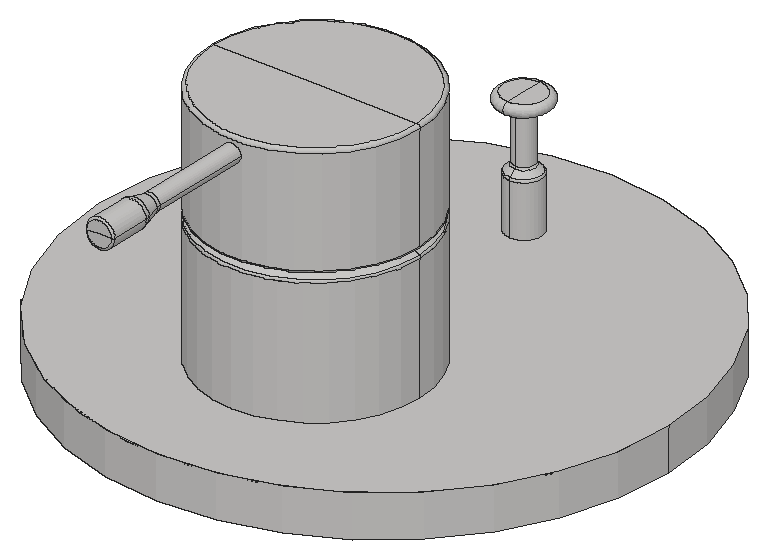
Revit family "PlumbingFixture_GroheLimited_EssenceTrimsetShower_19285001_METRIC1", category Plumbing Fixtures, host Face, Revit 2015
Parameters (values of type "19285001")
  _DistributedBy = "www.bimstore.co.uk"
  _CurrentRevision = 1
  _CreatedBy = "www.bimstore.co.uk"
  _BimSpecGuid = 0
  _BSBibleVersion = 14
  _AuthorizedBy = "Kris Atkinson"
  _Author = "Ryan Lashley"
  Waste Connection = no
  WarrantyStartDate [instance] = "Please Record On Commissioning."
  WarrantyGuarantorParts = "info-uk@grohe.com"
  WarrantyGuarantorLabor = "info-uk@grohe.com"
  WarrantyDurationUnit = "Years"
  WarrantyDurationParts = "n/a"
  WarrantyDurationLabor = "n/a"
  WarrantyDescription = "n/a"
  WFU = 0
  Vent Connection = no
  URL = "www.grohe.com"
  TypeName = "Essence Single-lever bath/shower mixer trim"
  Type Comments = "19285001"
  SpareParts = "n/a"
  Size = "n/a"
  Shape = "n/a"
  SerialNumber [instance] = "Please Record On Commissioning."
  ReplacementCost = "n/a"
  ReferencedStandard = "n/a"
  ProductionYear = "2017"
  ProductPageURL = "https://www.grohe.co.uk/en_gb/essence-single-lever-bath-shower-mixer-trim-19285001.html"
  ProductDocumentationLink = "https://www.grohe.co.uk/en_gb/essence-single-lever-bath-shower-mixer-trim-19285001.html"
  PrimaryMaterial = GroheLimited-Chrome
  PercentageOfRecycledContent = "n/a"
  NominalLength = 0 mm
  NominalHeight = 0 mm
  NominalDepth = 0 mm
  NBSReference = "45-35-70/330"
  NBSOfficeMasterTag = "n/a"
  NBSObjectName = "Grohe Limited - Shower fittings package"
  NBSNote = ""
  NBSDescription = "Shower fittings package"
  ModelReference = "Essence Single-lever bath/shower mixer trim"
  ModelNumber = "19285001"
  Model = "Essence Single-lever bath/shower mixer trim"
  Material = "Chrome"
  MasterformatTitle = "Sanitary Facilities"
  MasterformatNumber = "01 52 19"
  ManufacturerName = "Grohe Limited"
  Manufacturer = "Grohe Limited"
  LowEmittingMaterial = no
  LEEDCredit = "n/a"
  Keynote = "N13"
  InstallationDate [instance] = "Please Record On Commissioning."
  IndustryStandards = "n/a"
  IfcExportType = "IfcPipeFittingType"
  IfcExportAs = "IfcPipeFitting"
  HotWaterConnectionDiameter = 10 mm
  HWFU = 4.5
  HW Connection = no
  Grade = "n/a"
  Finish = "Chrome"
  Features = "This bath tap of the GROHE Essence range is a perfect combination of elegance and quality. The automattic diverter directs the water flow smoothly between bath and shower outlet. Finished in durable GROHE StarLight chrome, it attracts the eye and is easy to clean, appearing flawlessly lustrous even after years of use. To install this single-lever mixer, please purchase the matching GROHE concealed body 35501000. With the GROHE SilkMove cartridge technology integrated in the concealed body, water temperature and volume can be controlled smoothly and effortlessly. The perfect choice for an elegant yet highly functional bathroom."
  ExpectedLife = 0
  Ecojoy = no
  DurationUnit = "Years"
  DocumentationTechnical = "n/a"
  DocumentationMaintenance = "n/a"
  DocumentationLiterature = "n/a"
  DocumentationInstallationGuide = "n/a"
  DocumentationCertificates = "n/a"
  Description = "This bath tap of the GROHE Essence range is a perfect combination of elegance and quality. The automattic diverter directs the water flow smoothly between bath and shower outlet. Finished in durable GROHE StarLight chrome, it attracts the eye and is easy to clean, appearing flawlessly lustrous even after years of use. To install this single-lever mixer, please purchase the matching GROHE concealed body 35501000. With the GROHE SilkMove cartridge technology integrated in the concealed body, water temperature and volume can be controlled smoothly and effortlessly. The perfect choice for an elegant yet highly functional bathroom."
  Default Elevation = 0 mm
  CreatedOn = "2017-06-01T09:00:00"
  CreatedBy = "info-uk@grohe.com"
  Cost = 0
  Constituents = "n/a"
  Color = "Chrome"
  ColdWaterConnectionDiameter = 10 mm
  CodePerformance = "n/a"
  ClassificationValue = "Pr_40_20_87_75"
  ClassificationName = "Uniclass2015"
  CWFU = 4.5
  CW Connection = no
  BarCode [instance] = "Please Record On Commissioning."
  BIMObjectName = "PlumbingFixture_GroheLimited_EssenceTrimsetShower_19285001_METRIC"
  AssetType = "Fixed"
  AssetIdentifier [instance] = "Please Record On Commissioning."
  Assembly Code = "D2010"
  AccessibilityPerformance = "n/a"
  ADACompliant = no
Types (10, lengths in mm): name | Type Comments | PrimaryMaterial | ModelNumber | Material | Finish | Color
  (no name) | "19285001" | GroheLimited-Chrome | "19285001" | "Chrome" | "Chrome" | "Chrome"
  19285001 | "19285001" | GroheLimited-Chrome | "19285001" | "Chrome" | "Chrome" | "Chrome"
  19285A01 | "19285A01" | GroheLimited-HardGraphite | "19285A01" | "Hard Graphite" | "Hard Graphite" | "Hard Graphite"
  19285AL1 | "19285AL1" | GroheLimited-BrushedHardGraphite | "19285AL1" | "Brushed Hard Graphite" | "Brushed Hard Graphite" | "Brushed Hard Graphite"
  19285BE1 | "19285BE1" | GroheLimited-Nickel | "19285BE1" | "Nickel" | "Nickel" | "Nickel"
  19285DA1 | "19285DA1" | GroheLimited-WarmSunset | "19285DA1" | "Warm Sunset" | "Warm Sunset" | "Warm Sunset"
  19285DL1 | "19285DL1" | GroheLimited-BrushedWarmSunset | "19285DL1" | "Brushed Warm Sunset" | "Brushed Warm Sunset" | "Brushed Warm Sunset"
  19285EN1 | "19285EN1" | GroheLimited-BrushedNickel | "19285EN1" | "Brushed Nickel" | "Brushed Nickel" | "Brushed Nickel"
  19285GL1 | "19285GL1" | GroheLimited-CoolSunrise | "19285GL1" | "Cool Sunrise" | "Cool Sunrise" | "Cool Sunrise"
  19285GN1 | "19285GN1" | GroheLimited-BrushedCoolSunrise | "19285GN1" | "Brushed Cool Sunrise" | "Brushed Cool Sunrise" | "Brushed Cool Sunrise"
Reference planes
  plane 1 "Center (Front/Back)": y = 0
  plane 2: z = 0
  plane 3 "Center (Left/Right)": x = 0
  plane 4: y = -24.7
Forms (mm)
  Extrusion 1, solid, material "GroheLimited-Chrome" <- "PrimaryMaterial"
    sketch origin (0, 47.019, 145.7) x (0, 1, 0) y (-1, 0, 0)
      loop
        circle (-47.019, 0) r 81.5
    from -145.7 to -133.7
  Revolve 2, solid, material "GroheLimited-Chrome" <- "PrimaryMaterial"
    sketch origin (-110.38, -24.7, 1219.2) x (-1, 0, 0) y (0, 0, 1)
      loop
        line (-110.38, -1207.2) -> (-110.38, -1137.2) -> (-139.38, -1137.2)
        arc (-139.38, -1137.2) -> (-140.088, -1137.493) -> (-140.38, -1138.2) r 1
        line (-140.38, -1138.2) -> (-140.38, -1168.347)
        arc (-140.38, -1168.347) -> (-140.206, -1168.72) -> (-139.809, -1168.827) r 0.487
        line (-139.809, -1168.827) -> (-137.83, -1168.478) -> (-140.088, -1170.735)
        arc (-140.088, -1170.735) -> (-140.304, -1171.06) -> (-140.38, -1171.442) r 1
        line (-140.38, -1171.442) -> (-140.38, -1207.2) -> (-110.38, -1207.2)
      axis (-110.38, -1137.2) -> (-110.38, -1207.2)
    angle from 0 to 360
  Revolve 3, solid, material "GroheLimited-Chrome" <- "PrimaryMaterial"
    sketch origin (0, 47.019, 77.45) x (0, 1, 0) y (-1, 0, 0)
      loop
        line (-71.719, 0) -> (-149.025, 0) -> (-149.025, -3.505)
        arc (-149.025, -3.505) -> (-148.878, -3.859) -> (-148.525, -4.005) r 0.5
        line (-148.525, -4.005) -> (-137.485, -4.005)
        arc (-137.485, -4.005) -> (-136.839, -3.964) -> (-136.204, -3.839) r 5
        line (-136.204, -3.839) -> (-131.937, -2.708)
        arc (-131.937, -2.708) -> (-131.302, -2.583) -> (-130.656, -2.541) r 5
        line (-130.656, -2.541) -> (-71.719, -2.541) -> (-71.719, 0)
      axis (-71.719, 0) -> (-149.025, 0)
    angle from 0 to 360
  Revolve 4, solid, material "GroheLimited-Chrome" <- "PrimaryMaterial"
    sketch origin (0, 0, 0) x (0, 1, 0) y (0, 0, 1)
      loop
        line (45, 12) -> (50, 12) -> (50, 47.241) -> (44.131, 47.241)
        arc (44.131, 47.241) -> (42.57, 45.68) -> (44.131, 44.119) r 1.561
        line (44.131, 44.119) -> (46.499, 44.119)
        arc (46.499, 44.119) -> (46.937, 43.937) -> (47.119, 43.499) r 0.62
        line (47.119, 43.499) -> (47.119, 29.533)
        arc (47.119, 29.533) -> (47.043, 29.15) -> (46.826, 28.826) r 1
        line (46.826, 28.826) -> (45.293, 27.293)
        arc (45.293, 27.293) -> (45.076, 26.968) -> (45, 26.586) r 1
        line (45, 26.586) -> (45, 12)
      axis (50, 12) -> (50, 47.241)
    angle from 0 to 360
Cuts and joins
  joined: Extrusion 1, Revolve 2, Revolve 3, Revolve 4
Dimensions and locks
  radius of Extrusion 1 sketch curve = 81.5 mm
  aligned and locked: plane 2 to host face
  aligned and locked: level to host face
  aligned and locked: plane 1 "Center (Front/Back)" to Extrusion 1 sketch curve
  aligned and locked: plane 3 "Center (Left/Right)" to Extrusion 1 sketch curve
  aligned and locked: Extrusion 1 to level
  aligned and locked: Revolve 2 sketch curve to plane 3 "Center (Left/Right)"
  aligned and locked: Revolve 3 sketch curve to plane 3 "Center (Left/Right)"
